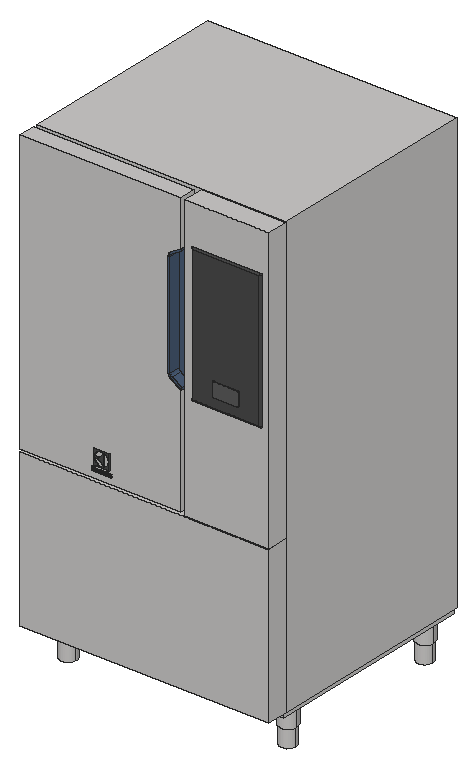
Revit family "QF_ELECTROLUXPROFESSIONAL_725077_EBFA11EP2P", category Specialty Equipment, Revit 2018
Family settings
  Round Connector Dimension = Use Diameter
  Part Type = Normal
  Work Plane-Based = No
  Always vertical = Yes
  Cut with Voids When Loaded = No
  Shared = No
  Room Calculation Point = No
Parameters (values of type "Standard")
  Weight = 233.00 kg
  Watts = 0 W
  Volts = 380 V
  URL Manufacturer = "http://professional.electrolux.com"
  URL = "http://professional.electrolux.com"
  Steam Supply Size = 0 mm
  Steam Supply Minimum Pressure = 0.0 Pa
  Steam Supply Maximum Pressure = 0.0 Pa
  Steam Pounds per Hour = 0
  Show Logo [instance] = yes
  Show Clearance [instance] = yes
  Refrigeration Suction Line Size = 0 mm
  Refrigeration Liquid Line Size = 0 mm
  Refrigerant Compressor Remote = yes
  Manufacturer = "Electrolux Professional"
  Phase = 3
  Model = "EBFA11EP2P"
  Length Actual = 895 mm  # constant formula
  Item Number = "725077"
  Hot Water Size = 0 mm
  Height Actual = 1731 mm  # constant formula
  HP = "5.6 HP"
  Gas Size = 0 mm
  Gas KW = 0
  Gas Input Pressure = 0 W
  Direct Waste Size = 139.7 mm
  Description = "SKYLINE CHILLS BLAST CHILLER FREEZER 50/50KG 10 GN 1/1 - FOR SKYDUO"
  Depth Actual = 939 mm  # constant formula
  Cycle = 50 Hz
  Condensate Return Size = 0 mm
  Compressed Air Volume = 0.0 L/s
  Compressed Air Size = 0 mm
  Compressed Air Pressure = 0.0 Pa
  Cold Water Size = 0 mm
  Accessory = yes
Reference planes
  plane 1 "Center X": y = 126.351
  plane 2: z = 0
  plane 3 "Center Y": x = -311.5
  plane 4 "LEFT": x = -759
  plane 5 "BACK": y = 547.851
  plane 6 "RIGHT": x = 136
  plane 7 "FRONT": y = -295.149
  plane 8: z = 130
  plane 9 "TOP": z = 1731
  plane 10: x = -707
  plane 11: y = 471.851
  plane 12: x = 84
  plane 13: y = -144.149
  plane 14: y = 639.851
  plane 15: y = -834.149
Forms (mm)
  Extrusion 1, solid, material "QF_Finishes_Stainless Steel"
    sketch origin (0, 0, 1731) x (-1, 0, 0) y (0, -1, 0)
      loop
        line (759, -547.851) -> (759, 219.149) -> (-136, 219.149) -> (-136, -547.851) -> (759, -547.851)
    from 0 to -1581
  Extrusion 2, solid, material "QF_Finishes_Stainless Steel"
    sketch origin (-759, -0.954, 258.709) x (0, 1, 0) y (0, 0, 1)
      loop
        line (548.805, 694.306) -> (548.805, 392.314) -> (633.5, 399.789)
        arc (633.5, 399.789) -> (638.702, 402.354) -> (640.805, 407.759) r 8
        line (640.805, 407.759) -> (640.805, 433.233)
        arc (640.805, 433.233) -> (636.783, 442.547) -> (640.805, 451.86) r 12.795
        line (640.805, 451.86) -> (640.805, 483.24)
        arc (640.805, 483.24) -> (636.783, 492.554) -> (640.805, 501.867) r 12.795
        line (640.805, 501.867) -> (640.805, 533.247)
        arc (640.805, 533.247) -> (636.783, 542.56) -> (640.805, 551.874) r 12.795
        line (640.805, 551.874) -> (640.805, 583.254)
        arc (640.805, 583.254) -> (636.783, 592.567) -> (640.805, 601.881) r 12.795
        line (640.805, 601.881) -> (640.805, 634.796)
        arc (640.805, 634.796) -> (639.466, 639.795) -> (635.808, 643.455) r 10
        line (635.808, 643.455) -> (548.805, 694.306)
    from 618.187 to 801.865
  Extrusion 3, solid, material "QF_Finishes_Stainless Steel"
    sketch origin (-54.727, 547.851, 2066) x (1, 0, 0) y (0, 0, -1)
      loop
        circle (121.727, 1473) r 10.5
    from 0 to 29
  Extrusion 4, solid, material "QF_Finishes_Stainless Steel"
    sketch origin (-1206.916, -1524, 130) x (-1, 0, 0) y (0, -1, 0)
      loop
        line (-447.916, -1228.851) -> (-1342.916, -1228.851) -> (-1342.916, -1303.851) -> (-447.916, -1303.851) -> (-447.916, -1228.851)
    from 580 to 20.02
  Extrusion 5, solid, material "QF_Finishes_Stainless Steel"
    sketch origin (-1206.916, -1524, 130) x (-1, 0, 0) y (0, -1, 0)
      loop
        line (-456.916, -2071.851) -> (-456.916, -1306.851) -> (-1333.916, -1306.851) -> (-1333.916, -2071.851) -> (-456.916, -2071.851)
    from 20 to 0
  Extrusion 6, solid, material "QF_Finishes_Stainless Steel"
    sketch origin (-1206.916, -1524, 130) x (0, -1, 0) y (-1, 0, 0)
      loop
        circle (-1673.851, -847.916) r 9.5
    from 0 to 31.68
  Extrusion 7, void
    sketch origin (1, 0, 1731) x (-1, 0, 0) y (0, -1, 0)
      loop
        line (132.09, -639.851) -> (141.813, -639.851) -> (141.813, -547.851) -> (140.183, -547.851) -> (132.09, -639.851)
      loop
        line (-40.234, -547.851) -> (-41.865, -547.851) -> (-41.865, -639.851) -> (-32.141, -639.851) -> (-40.234, -547.851)
    from -1080 to -770
  Extrusion 8, solid, material "QF_Finishes_Stainless Steel"
    sketch origin (-623, -295.149, 0) x (1, 0, 0) y (0, 0, -1)
      loop
        line (442.2, -1731) -> (442.2, -1568.97) -> (405.947, -1544.888)
        arc (405.947, -1544.888) -> (399.716, -1538.041) -> (397.46, -1529.062) r 19
        line (397.46, -1529.062) -> (397.46, -1154.149)
        arc (397.46, -1154.149) -> (399.839, -1144.688) -> (406.41, -1137.479) r 20
        line (406.41, -1137.479) -> (442.2, -1113.756) -> (442.2, -719.524) -> (-136, -719.524) -> (-136, -1731) -> (442.2, -1731)
    from 0 to 60
  Extrusion 9, solid, material "QF_Finishes_Stainless Steel"
    sketch origin (-623, 0, 1060.038) x (1, 0, 0) y (0, 1, 0)
      loop
        line (759, -295.149) -> (759, -220.149) -> (457, -220.149) -> (457, -295.149) -> (759, -295.149)
    from 670.962 to -349
  Extrusion 10, solid, material "QF_Door-Drawer Clearances", visible <- "Show Clearance", detail levels coarse
    sketch origin (-623, 0, 1060.038) x (1, 0, 0) y (0, 1, 0)
      loop
        line (-82, -295.149) -> (-82, -831.649)
        arc (-82, -831.649) -> (284.195, -665.108) -> (442.2, -295.149) r 556
        line (442.2, -295.149) -> (-82, -295.149)
    from -340.514 to 670.962
  Extrusion 11, solid, material "QF_Finishes_Stainless Steel"
    sketch origin (-632, -235.149, 600.072) x (1, 0, 0) y (0, 0, -1)
      loop
        line (406.46, -554.076) -> (406.46, -928.989)
        arc (406.46, -928.989) -> (408.716, -937.969) -> (414.947, -944.816) r 19
        line (414.947, -944.816) -> (451.2, -968.898) -> (451.2, -513.683) -> (415.41, -537.406)
        arc (415.41, -537.406) -> (408.839, -544.616) -> (406.46, -554.076) r 20
    from -21 to 0
  Extrusion 12, solid, material "QF_Finishes_Electrolux_Blue"
    sketch origin (-632, -295.149, 600.072) x (-1, 0, 0) y (0, 0, -1)
      loop
        line (-451.2, -968.898) -> (-414.947, -944.816)
        arc (-414.947, -944.816) -> (-408.716, -937.969) -> (-406.46, -928.989) r 19
        line (-406.46, -928.989) -> (-406.46, -554.076)
        arc (-406.46, -554.076) -> (-408.839, -544.616) -> (-415.41, -537.406) r 20
        line (-415.41, -537.406) -> (-451.2, -513.683) -> (-453.7, -513.683) -> (-453.7, -519.824) -> (-419.001, -542.824)
        arc (-419.001, -542.824) -> (-414.566, -547.691) -> (-412.96, -554.076) r 13.5
        line (-412.96, -554.076) -> (-412.96, -928.989)
        arc (-412.96, -928.989) -> (-414.444, -934.897) -> (-418.543, -939.401) r 12.5
        line (-418.543, -939.401) -> (-453.7, -962.755) -> (-453.7, -968.898) -> (-451.2, -968.898)
    from -39 to 1
  Extrusion 13, void
    sketch origin (136, -219.149, 1731) x (1, 0, 0) y (0, 0, -1)
      loop
        line (-366.8, 60) -> (-366.8, 962) -> (-834, 962) -> (-834, 60) -> (-366.8, 60)
    from 0 to 705
  Extrusion 14, solid, material "QF_Door-Drawer Clearances", visible <- "Show Clearance", detail levels coarse
    sketch origin (-765, -389.449, 0) x (0, -1, 0) y (0, 0, -1)
      loop
        line (442.2, -1731) -> (442.2, -1568.97) -> (405.947, -1544.888)
        arc (405.947, -1544.888) -> (399.716, -1538.041) -> (397.46, -1529.062) r 19
        line (397.46, -1529.062) -> (397.46, -1154.149)
        arc (397.46, -1154.149) -> (399.839, -1144.688) -> (406.41, -1137.479) r 20
        line (406.41, -1137.479) -> (442.2, -1113.756) -> (442.2, -719.524) -> (-94.3, -719.524) -> (-94.3, -1731) -> (442.2, -1731)
    from 0 to 60
  Extrusion 15, solid, material "QF_Door-Drawer Clearances", visible <- "Show Clearance", detail levels coarse
    sketch origin (-705, -380.449, 600.072) x (0, -1, 0) y (0, 0, -1)
      loop
        line (406.46, -554.076) -> (406.46, -928.989)
        arc (406.46, -928.989) -> (408.716, -937.969) -> (414.947, -944.816) r 19
        line (414.947, -944.816) -> (451.2, -968.898) -> (451.2, -513.683) -> (415.41, -537.406)
        arc (415.41, -537.406) -> (408.839, -544.616) -> (406.46, -554.076) r 20
    from -21 to 0
  Extrusion 16, solid, material "QF_Door-Drawer Clearances", visible <- "Show Clearance", detail levels coarse
    sketch origin (-765, -380.449, 600.072) x (0, 1, 0) y (0, 0, -1)
      loop
        line (-451.2, -968.898) -> (-414.947, -944.816)
        arc (-414.947, -944.816) -> (-408.716, -937.969) -> (-406.46, -928.989) r 19
        line (-406.46, -928.989) -> (-406.46, -554.076)
        arc (-406.46, -554.076) -> (-408.839, -544.616) -> (-415.41, -537.406) r 20
        line (-415.41, -537.406) -> (-451.2, -513.683) -> (-453.7, -513.683) -> (-453.7, -519.824) -> (-419.001, -542.824)
        arc (-419.001, -542.824) -> (-414.566, -547.691) -> (-412.96, -554.076) r 13.5
        line (-412.96, -554.076) -> (-412.96, -928.989)
        arc (-412.96, -928.989) -> (-414.444, -934.897) -> (-418.543, -939.401) r 12.5
        line (-418.543, -939.401) -> (-453.7, -962.755) -> (-453.7, -968.898) -> (-451.2, -968.898)
    from -39 to 1
Cuts and joins
  Extrusion 13 cuts Extrusion 1
  Extrusion 7, Extrusion 13 cuts Extrusion 2
  Extrusion 13 cuts Extrusion 3
  Extrusion 13 cuts Extrusion 5
  Extrusion 13 cuts Extrusion 6
  joined: Extrusion 1, Extrusion 2, Extrusion 3, Extrusion 5, Extrusion 6
  joined: Extrusion 10, Extrusion 14, Extrusion 15, Extrusion 16
Lines and regions (mm)
  Split face 1
    outline origin (594.146, -295.149, -365.12) x (-1, 0, 0) y (0, 0, -1)
      loop
        line (490.638, -548.639) -> (600.654, -548.639) -> (600.654, -543.665) -> (490.638, -543.665) -> (490.638, -548.639)
  Split face 2
    outline origin (594.146, -295.149, -355.62) x (-1, 0, 0) y (0, 0, -1)
      loop
        line (490.638, -548.639) -> (600.654, -548.639) -> (600.654, -543.665) -> (490.638, -543.665) -> (490.638, -548.639)
  Split face 3
    outline origin (594.146, -295.149, -346.12) x (-1, 0, 0) y (0, 0, -1)
      loop
        line (490.638, -548.639) -> (600.654, -548.639) -> (600.654, -543.665) -> (490.638, -543.665) -> (490.638, -548.639)
  Split face 4
    outline origin (594.146, -295.149, -336.62) x (-1, 0, 0) y (0, 0, -1)
      loop
        line (490.638, -548.639) -> (600.654, -548.639) -> (600.654, -543.665) -> (490.638, -543.665) -> (490.638, -548.639)
  Split face 5
    outline origin (594.146, -295.149, -327.12) x (-1, 0, 0) y (0, 0, -1)
      loop
        line (490.638, -548.639) -> (600.654, -548.639) -> (600.654, -543.665) -> (490.638, -543.665) -> (490.638, -548.639)
  Split face 6
    outline origin (594.146, -295.149, -317.619) x (-1, 0, 0) y (0, 0, -1)
      loop
        line (490.638, -548.639) -> (600.654, -548.639) -> (600.654, -543.665) -> (490.638, -543.665) -> (490.638, -548.639)
  Split face 7
    outline origin (594.146, -295.149, -308.119) x (-1, 0, 0) y (0, 0, -1)
      loop
        line (490.638, -548.639) -> (600.654, -548.639) -> (600.654, -543.665) -> (490.638, -543.665) -> (490.638, -548.639)
  Split face 8
    outline origin (594.146, -295.149, -298.619) x (-1, 0, 0) y (0, 0, -1)
      loop
        line (490.638, -548.639) -> (600.654, -548.639) -> (600.654, -543.665) -> (490.638, -543.665) -> (490.638, -548.639)
  Split face 9
    outline origin (594.146, -295.149, -289.119) x (-1, 0, 0) y (0, 0, -1)
      loop
        line (490.638, -548.639) -> (600.654, -548.639) -> (600.654, -543.665) -> (490.638, -543.665) -> (490.638, -548.639)
  Split face 10
    outline origin (594.146, -295.149, -279.619) x (-1, 0, 0) y (0, 0, -1)
      loop
        line (490.638, -548.639) -> (600.654, -548.639) -> (600.654, -543.665) -> (490.638, -543.665) -> (490.638, -548.639)
  Split face 11
    outline origin (594.146, -295.149, -270.119) x (-1, 0, 0) y (0, 0, -1)
      loop
        line (490.638, -548.639) -> (600.654, -548.639) -> (600.654, -543.665) -> (490.638, -543.665) -> (490.638, -548.639)
  Split face 12
    outline origin (594.146, -295.149, -260.619) x (-1, 0, 0) y (0, 0, -1)
      loop
        line (490.638, -548.639) -> (600.654, -548.639) -> (600.654, -543.665) -> (490.638, -543.665) -> (490.638, -548.639)
  Split face 13
    outline origin (594.146, -295.149, -251.119) x (-1, 0, 0) y (0, 0, -1)
      loop
        line (490.638, -548.639) -> (600.654, -548.639) -> (600.654, -543.665) -> (490.638, -543.665) -> (490.638, -548.639)
  Split face 14
    outline origin (594.146, -295.149, -241.619) x (-1, 0, 0) y (0, 0, -1)
      loop
        line (490.638, -548.639) -> (600.654, -548.639) -> (600.654, -543.665) -> (490.638, -543.665) -> (490.638, -548.639)
  Split face 15
    outline origin (594.146, -295.149, -232.119) x (-1, 0, 0) y (0, 0, -1)
      loop
        line (490.638, -548.639) -> (600.654, -548.639) -> (600.654, -543.665) -> (490.638, -543.665) -> (490.638, -548.639)
  Split face 16
    outline origin (594.146, -295.149, -222.619) x (-1, 0, 0) y (0, 0, -1)
      loop
        line (490.638, -548.639) -> (600.654, -548.639) -> (600.654, -543.665) -> (490.638, -543.665) -> (490.638, -548.639)
  Split face 17
    outline origin (594.146, -295.149, -213.119) x (-1, 0, 0) y (0, 0, -1)
      loop
        line (490.638, -548.639) -> (600.654, -548.639) -> (600.654, -543.665) -> (490.638, -543.665) -> (490.638, -548.639)
  Split face 18
    outline origin (594.146, -295.149, -203.619) x (-1, 0, 0) y (0, 0, -1)
      loop
        line (490.638, -548.639) -> (600.654, -548.639) -> (600.654, -543.665) -> (490.638, -543.665) -> (490.638, -548.639)
  Split face 19
    outline origin (594.146, -295.149, -194.118) x (-1, 0, 0) y (0, 0, -1)
      loop
        line (490.638, -548.639) -> (600.654, -548.639) -> (600.654, -543.665) -> (490.638, -543.665) -> (490.638, -548.639)
  Split face 20
    outline origin (594.146, -295.149, -184.618) x (-1, 0, 0) y (0, 0, -1)
      loop
        line (490.638, -548.639) -> (600.654, -548.639) -> (600.654, -543.665) -> (490.638, -543.665) -> (490.638, -548.639)
  Split face 21
    outline origin (594.146, -295.149, -175.118) x (-1, 0, 0) y (0, 0, -1)
      loop
        line (490.638, -548.639) -> (600.654, -548.639) -> (600.654, -543.665) -> (490.638, -543.665) -> (490.638, -548.639)
  Split face 22
    outline origin (594.146, -295.149, -165.618) x (-1, 0, 0) y (0, 0, -1)
      loop
        line (490.638, -548.639) -> (600.654, -548.639) -> (600.654, -543.665) -> (490.638, -543.665) -> (490.638, -548.639)
  Split face 23
    outline origin (594.146, -295.149, -156.118) x (-1, 0, 0) y (0, 0, -1)
      loop
        line (490.638, -548.639) -> (600.654, -548.639) -> (600.654, -543.665) -> (490.638, -543.665) -> (490.638, -548.639)
  Split face 24
    outline origin (594.146, -295.149, -146.618) x (-1, 0, 0) y (0, 0, -1)
      loop
        line (490.638, -548.639) -> (600.654, -548.639) -> (600.654, -543.665) -> (490.638, -543.665) -> (490.638, -548.639)
  Split face 25
    outline origin (594.146, -295.149, -137.118) x (-1, 0, 0) y (0, 0, -1)
      loop
        line (490.638, -548.639) -> (600.654, -548.639) -> (600.654, -543.665) -> (490.638, -543.665) -> (490.638, -548.639)
  Split face 26
    outline origin (594.146, -295.149, -127.618) x (-1, 0, 0) y (0, 0, -1)
      loop
        line (490.638, -548.639) -> (600.654, -548.639) -> (600.654, -543.665) -> (490.638, -543.665) -> (490.638, -548.639)
  Split face 27
    outline origin (594.146, -295.149, -118.118) x (-1, 0, 0) y (0, 0, -1)
      loop
        line (490.638, -548.639) -> (600.654, -548.639) -> (600.654, -543.665) -> (490.638, -543.665) -> (490.638, -548.639)
  Split face 28
    outline origin (594.146, -295.149, -108.618) x (-1, 0, 0) y (0, 0, -1)
      loop
        line (490.638, -548.639) -> (600.654, -548.639) -> (600.654, -543.665) -> (490.638, -543.665) -> (490.638, -548.639)
  Split face 29
    outline origin (594.146, -295.149, -99.118) x (-1, 0, 0) y (0, 0, -1)
      loop
        line (490.638, -548.639) -> (600.654, -548.639) -> (600.654, -543.665) -> (490.638, -543.665) -> (490.638, -548.639)
  Split face 30
    outline origin (594.146, -295.149, -89.618) x (-1, 0, 0) y (0, 0, -1)
      loop
        line (490.638, -548.639) -> (600.654, -548.639) -> (600.654, -543.665) -> (490.638, -543.665) -> (490.638, -548.639)
  Split face 31
    outline origin (594.146, -295.149, -80.117) x (-1, 0, 0) y (0, 0, -1)
      loop
        line (490.638, -548.639) -> (600.654, -548.639) -> (600.654, -543.665) -> (490.638, -543.665) -> (490.638, -548.639)
  Split face 32
    outline origin (594.146, -295.149, -70.617) x (-1, 0, 0) y (0, 0, -1)
      loop
        line (490.638, -548.639) -> (600.654, -548.639) -> (600.654, -543.665) -> (490.638, -543.665) -> (490.638, -548.639)
  Split face 33
    outline origin (594.146, -295.149, -61.117) x (-1, 0, 0) y (0, 0, -1)
      loop
        line (490.638, -548.639) -> (600.654, -548.639) -> (600.654, -543.665) -> (490.638, -543.665) -> (490.638, -548.639)
  Split face 34
    outline origin (594.146, -295.149, -51.617) x (-1, 0, 0) y (0, 0, -1)
      loop
        line (490.638, -548.639) -> (600.654, -548.639) -> (600.654, -543.665) -> (490.638, -543.665) -> (490.638, -548.639)
  Split face 35
    outline origin (594.146, -295.149, -42.117) x (-1, 0, 0) y (0, 0, -1)
      loop
        line (490.638, -548.639) -> (600.654, -548.639) -> (600.654, -543.665) -> (490.638, -543.665) -> (490.638, -548.639)
  Split face 36
    outline origin (594.146, -295.149, -32.617) x (-1, 0, 0) y (0, 0, -1)
      loop
        line (490.638, -548.639) -> (600.654, -548.639) -> (600.654, -543.665) -> (490.638, -543.665) -> (490.638, -548.639)
  Split face 37
    outline origin (594.146, -295.149, -23.117) x (-1, 0, 0) y (0, 0, -1)
      loop
        line (490.638, -548.639) -> (600.654, -548.639) -> (600.654, -543.665) -> (490.638, -543.665) -> (490.638, -548.639)
  Split face 38
    outline origin (594.146, -295.149, -13.617) x (-1, 0, 0) y (0, 0, -1)
      loop
        line (490.638, -548.639) -> (600.654, -548.639) -> (600.654, -543.665) -> (490.638, -543.665) -> (490.638, -548.639)
  Split face 39
    outline origin (594.146, -295.149, -4.117) x (-1, 0, 0) y (0, 0, -1)
      loop
        line (490.638, -548.639) -> (600.654, -548.639) -> (600.654, -543.665) -> (490.638, -543.665) -> (490.638, -548.639)
  Split face 40
    outline origin (594.146, -295.149, 5.383) x (-1, 0, 0) y (0, 0, -1)
      loop
        line (490.638, -548.639) -> (600.654, -548.639) -> (600.654, -543.665) -> (490.638, -543.665) -> (490.638, -548.639)
  Split face 41
    outline origin (594.146, -295.149, 14.883) x (-1, 0, 0) y (0, 0, -1)
      loop
        line (490.638, -548.639) -> (600.654, -548.639) -> (600.654, -543.665) -> (490.638, -543.665) -> (490.638, -548.639)
  Split face 42
    outline origin (474.155, -295.149, -365.12) x (-1, 0, 0) y (0, 0, -1)
      loop
        line (490.638, -548.639) -> (600.654, -548.639) -> (600.654, -543.665) -> (490.638, -543.665) -> (490.638, -548.639)
  Split face 43
    outline origin (474.155, -295.149, -355.62) x (-1, 0, 0) y (0, 0, -1)
      loop
        line (490.638, -548.639) -> (600.654, -548.639) -> (600.654, -543.665) -> (490.638, -543.665) -> (490.638, -548.639)
  Split face 44
    outline origin (474.155, -295.149, -346.12) x (-1, 0, 0) y (0, 0, -1)
      loop
        line (490.638, -548.639) -> (600.654, -548.639) -> (600.654, -543.665) -> (490.638, -543.665) -> (490.638, -548.639)
  Split face 45
    outline origin (474.155, -295.149, -336.62) x (-1, 0, 0) y (0, 0, -1)
      loop
        line (490.638, -548.639) -> (600.654, -548.639) -> (600.654, -543.665) -> (490.638, -543.665) -> (490.638, -548.639)
  Split face 46
    outline origin (474.155, -295.149, -327.12) x (-1, 0, 0) y (0, 0, -1)
      loop
        line (490.638, -548.639) -> (600.654, -548.639) -> (600.654, -543.665) -> (490.638, -543.665) -> (490.638, -548.639)
  Split face 47
    outline origin (474.155, -295.149, -317.619) x (-1, 0, 0) y (0, 0, -1)
      loop
        line (490.638, -548.639) -> (600.654, -548.639) -> (600.654, -543.665) -> (490.638, -543.665) -> (490.638, -548.639)
  Split face 48
    outline origin (474.155, -295.149, -308.119) x (-1, 0, 0) y (0, 0, -1)
      loop
        line (490.638, -548.639) -> (600.654, -548.639) -> (600.654, -543.665) -> (490.638, -543.665) -> (490.638, -548.639)
  Split face 49
    outline origin (474.155, -295.149, -298.619) x (-1, 0, 0) y (0, 0, -1)
      loop
        line (490.638, -548.639) -> (600.654, -548.639) -> (600.654, -543.665) -> (490.638, -543.665) -> (490.638, -548.639)
  Split face 50
    outline origin (474.155, -295.149, -289.119) x (-1, 0, 0) y (0, 0, -1)
      loop
        line (490.638, -548.639) -> (600.654, -548.639) -> (600.654, -543.665) -> (490.638, -543.665) -> (490.638, -548.639)
  Split face 51
    outline origin (474.155, -295.149, -279.619) x (-1, 0, 0) y (0, 0, -1)
      loop
        line (490.638, -548.639) -> (600.654, -548.639) -> (600.654, -543.665) -> (490.638, -543.665) -> (490.638, -548.639)
  Split face 52
    outline origin (474.155, -295.149, -270.119) x (-1, 0, 0) y (0, 0, -1)
      loop
        line (490.638, -548.639) -> (600.654, -548.639) -> (600.654, -543.665) -> (490.638, -543.665) -> (490.638, -548.639)
  Split face 53
    outline origin (474.155, -295.149, -260.619) x (-1, 0, 0) y (0, 0, -1)
      loop
        line (490.638, -548.639) -> (600.654, -548.639) -> (600.654, -543.665) -> (490.638, -543.665) -> (490.638, -548.639)
  Split face 54
    outline origin (474.155, -295.149, -251.119) x (-1, 0, 0) y (0, 0, -1)
      loop
        line (490.638, -548.639) -> (600.654, -548.639) -> (600.654, -543.665) -> (490.638, -543.665) -> (490.638, -548.639)
  Split face 55
    outline origin (474.155, -295.149, -241.619) x (-1, 0, 0) y (0, 0, -1)
      loop
        line (490.638, -548.639) -> (600.654, -548.639) -> (600.654, -543.665) -> (490.638, -543.665) -> (490.638, -548.639)
  Split face 56
    outline origin (474.155, -295.149, -232.119) x (-1, 0, 0) y (0, 0, -1)
      loop
        line (490.638, -548.639) -> (600.654, -548.639) -> (600.654, -543.665) -> (490.638, -543.665) -> (490.638, -548.639)
  Split face 57
    outline origin (474.155, -295.149, -222.619) x (-1, 0, 0) y (0, 0, -1)
      loop
        line (490.638, -548.639) -> (600.654, -548.639) -> (600.654, -543.665) -> (490.638, -543.665) -> (490.638, -548.639)
  Split face 58
    outline origin (474.155, -295.149, -213.119) x (-1, 0, 0) y (0, 0, -1)
      loop
        line (490.638, -548.639) -> (600.654, -548.639) -> (600.654, -543.665) -> (490.638, -543.665) -> (490.638, -548.639)
  Split face 59
    outline origin (474.155, -295.149, -203.619) x (-1, 0, 0) y (0, 0, -1)
      loop
        line (490.638, -548.639) -> (600.654, -548.639) -> (600.654, -543.665) -> (490.638, -543.665) -> (490.638, -548.639)
  Split face 60
    outline origin (474.155, -295.149, -194.118) x (-1, 0, 0) y (0, 0, -1)
      loop
        line (490.638, -548.639) -> (600.654, -548.639) -> (600.654, -543.665) -> (490.638, -543.665) -> (490.638, -548.639)
  Split face 61
    outline origin (474.155, -295.149, -184.618) x (-1, 0, 0) y (0, 0, -1)
      loop
        line (490.638, -548.639) -> (600.654, -548.639) -> (600.654, -543.665) -> (490.638, -543.665) -> (490.638, -548.639)
  Split face 62
    outline origin (474.155, -295.149, -175.118) x (-1, 0, 0) y (0, 0, -1)
      loop
        line (490.638, -548.639) -> (600.654, -548.639) -> (600.654, -543.665) -> (490.638, -543.665) -> (490.638, -548.639)
  Split face 63
    outline origin (474.155, -295.149, -165.618) x (-1, 0, 0) y (0, 0, -1)
      loop
        line (490.638, -548.639) -> (600.654, -548.639) -> (600.654, -543.665) -> (490.638, -543.665) -> (490.638, -548.639)
  Split face 64
    outline origin (474.155, -295.149, -156.118) x (-1, 0, 0) y (0, 0, -1)
      loop
        line (490.638, -548.639) -> (600.654, -548.639) -> (600.654, -543.665) -> (490.638, -543.665) -> (490.638, -548.639)
  Split face 65
    outline origin (474.155, -295.149, -146.618) x (-1, 0, 0) y (0, 0, -1)
      loop
        line (490.638, -548.639) -> (600.654, -548.639) -> (600.654, -543.665) -> (490.638, -543.665) -> (490.638, -548.639)
  Split face 66
    outline origin (474.155, -295.149, -137.118) x (-1, 0, 0) y (0, 0, -1)
      loop
        line (490.638, -548.639) -> (600.654, -548.639) -> (600.654, -543.665) -> (490.638, -543.665) -> (490.638, -548.639)
  Split face 67
    outline origin (474.155, -295.149, -127.618) x (-1, 0, 0) y (0, 0, -1)
      loop
        line (490.638, -548.639) -> (600.654, -548.639) -> (600.654, -543.665) -> (490.638, -543.665) -> (490.638, -548.639)
  Split face 68
    outline origin (474.155, -295.149, -118.118) x (-1, 0, 0) y (0, 0, -1)
      loop
        line (490.638, -548.639) -> (600.654, -548.639) -> (600.654, -543.665) -> (490.638, -543.665) -> (490.638, -548.639)
  Split face 69
    outline origin (474.155, -295.149, -108.618) x (-1, 0, 0) y (0, 0, -1)
      loop
        line (490.638, -548.639) -> (600.654, -548.639) -> (600.654, -543.665) -> (490.638, -543.665) -> (490.638, -548.639)
  Split face 70
    outline origin (474.155, -295.149, -99.118) x (-1, 0, 0) y (0, 0, -1)
      loop
        line (490.638, -548.639) -> (600.654, -548.639) -> (600.654, -543.665) -> (490.638, -543.665) -> (490.638, -548.639)
  Split face 71
    outline origin (474.155, -295.149, -89.618) x (-1, 0, 0) y (0, 0, -1)
      loop
        line (490.638, -548.639) -> (600.654, -548.639) -> (600.654, -543.665) -> (490.638, -543.665) -> (490.638, -548.639)
  Split face 72
    outline origin (474.155, -295.149, -80.117) x (-1, 0, 0) y (0, 0, -1)
      loop
        line (490.638, -548.639) -> (600.654, -548.639) -> (600.654, -543.665) -> (490.638, -543.665) -> (490.638, -548.639)
  Split face 73
    outline origin (474.155, -295.149, -70.617) x (-1, 0, 0) y (0, 0, -1)
      loop
        line (490.638, -548.639) -> (600.654, -548.639) -> (600.654, -543.665) -> (490.638, -543.665) -> (490.638, -548.639)
  Split face 74
    outline origin (474.155, -295.149, -61.117) x (-1, 0, 0) y (0, 0, -1)
      loop
        line (490.638, -548.639) -> (600.654, -548.639) -> (600.654, -543.665) -> (490.638, -543.665) -> (490.638, -548.639)
  Split face 75
    outline origin (474.155, -295.149, -51.617) x (-1, 0, 0) y (0, 0, -1)
      loop
        line (490.638, -548.639) -> (600.654, -548.639) -> (600.654, -543.665) -> (490.638, -543.665) -> (490.638, -548.639)
  Split face 76
    outline origin (474.155, -295.149, -42.117) x (-1, 0, 0) y (0, 0, -1)
      loop
        line (490.638, -548.639) -> (600.654, -548.639) -> (600.654, -543.665) -> (490.638, -543.665) -> (490.638, -548.639)
  Split face 77
    outline origin (474.155, -295.149, -32.617) x (-1, 0, 0) y (0, 0, -1)
      loop
        line (490.638, -548.639) -> (600.654, -548.639) -> (600.654, -543.665) -> (490.638, -543.665) -> (490.638, -548.639)
  Split face 78
    outline origin (474.155, -295.149, -23.117) x (-1, 0, 0) y (0, 0, -1)
      loop
        line (490.638, -548.639) -> (600.654, -548.639) -> (600.654, -543.665) -> (490.638, -543.665) -> (490.638, -548.639)
  Split face 79
    outline origin (474.155, -295.149, -13.617) x (-1, 0, 0) y (0, 0, -1)
      loop
        line (490.638, -548.639) -> (600.654, -548.639) -> (600.654, -543.665) -> (490.638, -543.665) -> (490.638, -548.639)
  Split face 80
    outline origin (474.155, -295.149, -4.117) x (-1, 0, 0) y (0, 0, -1)
      loop
        line (490.638, -548.639) -> (600.654, -548.639) -> (600.654, -543.665) -> (490.638, -543.665) -> (490.638, -548.639)
  Split face 81
    outline origin (474.155, -295.149, 5.383) x (-1, 0, 0) y (0, 0, -1)
      loop
        line (490.638, -548.639) -> (600.654, -548.639) -> (600.654, -543.665) -> (490.638, -543.665) -> (490.638, -548.639)
  Split face 82
    outline origin (474.155, -295.149, 14.883) x (-1, 0, 0) y (0, 0, -1)
      loop
        line (490.638, -548.639) -> (600.654, -548.639) -> (600.654, -543.665) -> (490.638, -543.665) -> (490.638, -548.639)
  Split face 83
    outline origin (354.164, -295.149, -365.12) x (-1, 0, 0) y (0, 0, -1)
      loop
        line (490.638, -548.639) -> (600.654, -548.639) -> (600.654, -543.665) -> (490.638, -543.665) -> (490.638, -548.639)
  Split face 84
    outline origin (354.164, -295.149, -355.62) x (-1, 0, 0) y (0, 0, -1)
      loop
        line (490.638, -548.639) -> (600.654, -548.639) -> (600.654, -543.665) -> (490.638, -543.665) -> (490.638, -548.639)
  Split face 85
    outline origin (354.164, -295.149, -346.12) x (-1, 0, 0) y (0, 0, -1)
      loop
        line (490.638, -548.639) -> (600.654, -548.639) -> (600.654, -543.665) -> (490.638, -543.665) -> (490.638, -548.639)
  Split face 86
    outline origin (354.164, -295.149, -336.62) x (-1, 0, 0) y (0, 0, -1)
      loop
        line (490.638, -548.639) -> (600.654, -548.639) -> (600.654, -543.665) -> (490.638, -543.665) -> (490.638, -548.639)
  Split face 87
    outline origin (354.164, -295.149, -327.12) x (-1, 0, 0) y (0, 0, -1)
      loop
        line (490.638, -548.639) -> (600.654, -548.639) -> (600.654, -543.665) -> (490.638, -543.665) -> (490.638, -548.639)
  Split face 88
    outline origin (354.164, -295.149, -317.619) x (-1, 0, 0) y (0, 0, -1)
      loop
        line (490.638, -548.639) -> (600.654, -548.639) -> (600.654, -543.665) -> (490.638, -543.665) -> (490.638, -548.639)
  Split face 89
    outline origin (354.164, -295.149, -308.119) x (-1, 0, 0) y (0, 0, -1)
      loop
        line (490.638, -548.639) -> (600.654, -548.639) -> (600.654, -543.665) -> (490.638, -543.665) -> (490.638, -548.639)
  Split face 90
    outline origin (354.164, -295.149, -298.619) x (-1, 0, 0) y (0, 0, -1)
      loop
        line (490.638, -548.639) -> (600.654, -548.639) -> (600.654, -543.665) -> (490.638, -543.665) -> (490.638, -548.639)
  Split face 91
    outline origin (354.164, -295.149, -289.119) x (-1, 0, 0) y (0, 0, -1)
      loop
        line (490.638, -548.639) -> (600.654, -548.639) -> (600.654, -543.665) -> (490.638, -543.665) -> (490.638, -548.639)
  Split face 92
    outline origin (354.164, -295.149, -279.619) x (-1, 0, 0) y (0, 0, -1)
      loop
        line (490.638, -548.639) -> (600.654, -548.639) -> (600.654, -543.665) -> (490.638, -543.665) -> (490.638, -548.639)
  Split face 93
    outline origin (354.164, -295.149, -270.119) x (-1, 0, 0) y (0, 0, -1)
      loop
        line (490.638, -548.639) -> (600.654, -548.639) -> (600.654, -543.665) -> (490.638, -543.665) -> (490.638, -548.639)
  Split face 94
    outline origin (354.164, -295.149, -260.619) x (-1, 0, 0) y (0, 0, -1)
      loop
        line (490.638, -548.639) -> (600.654, -548.639) -> (600.654, -543.665) -> (490.638, -543.665) -> (490.638, -548.639)
  Split face 95
    outline origin (354.164, -295.149, -251.119) x (-1, 0, 0) y (0, 0, -1)
      loop
        line (490.638, -548.639) -> (600.654, -548.639) -> (600.654, -543.665) -> (490.638, -543.665) -> (490.638, -548.639)
  Split face 96
    outline origin (354.164, -295.149, -241.619) x (-1, 0, 0) y (0, 0, -1)
      loop
        line (490.638, -548.639) -> (600.654, -548.639) -> (600.654, -543.665) -> (490.638, -543.665) -> (490.638, -548.639)
  Split face 97
    outline origin (354.164, -295.149, -232.119) x (-1, 0, 0) y (0, 0, -1)
      loop
        line (490.638, -548.639) -> (600.654, -548.639) -> (600.654, -543.665) -> (490.638, -543.665) -> (490.638, -548.639)
  Split face 98
    outline origin (354.164, -295.149, -222.619) x (-1, 0, 0) y (0, 0, -1)
      loop
        line (490.638, -548.639) -> (600.654, -548.639) -> (600.654, -543.665) -> (490.638, -543.665) -> (490.638, -548.639)
  Split face 99
    outline origin (354.164, -295.149, -213.119) x (-1, 0, 0) y (0, 0, -1)
      loop
        line (490.638, -548.639) -> (600.654, -548.639) -> (600.654, -543.665) -> (490.638, -543.665) -> (490.638, -548.639)
  Split face 100
    outline origin (354.164, -295.149, -203.619) x (-1, 0, 0) y (0, 0, -1)
      loop
        line (490.638, -548.639) -> (600.654, -548.639) -> (600.654, -543.665) -> (490.638, -543.665) -> (490.638, -548.639)
  Split face 101
    outline origin (354.164, -295.149, -194.118) x (-1, 0, 0) y (0, 0, -1)
      loop
        line (490.638, -548.639) -> (600.654, -548.639) -> (600.654, -543.665) -> (490.638, -543.665) -> (490.638, -548.639)
  Split face 102
    outline origin (354.164, -295.149, -184.618) x (-1, 0, 0) y (0, 0, -1)
      loop
        line (490.638, -548.639) -> (600.654, -548.639) -> (600.654, -543.665) -> (490.638, -543.665) -> (490.638, -548.639)
  Split face 103
    outline origin (354.164, -295.149, -175.118) x (-1, 0, 0) y (0, 0, -1)
      loop
        line (490.638, -548.639) -> (600.654, -548.639) -> (600.654, -543.665) -> (490.638, -543.665) -> (490.638, -548.639)
  Split face 104
    outline origin (354.164, -295.149, -165.618) x (-1, 0, 0) y (0, 0, -1)
      loop
        line (490.638, -548.639) -> (600.654, -548.639) -> (600.654, -543.665) -> (490.638, -543.665) -> (490.638, -548.639)
  Split face 105
    outline origin (354.164, -295.149, -156.118) x (-1, 0, 0) y (0, 0, -1)
      loop
        line (490.638, -548.639) -> (600.654, -548.639) -> (600.654, -543.665) -> (490.638, -543.665) -> (490.638, -548.639)
  Split face 106
    outline origin (354.164, -295.149, -146.618) x (-1, 0, 0) y (0, 0, -1)
      loop
        line (490.638, -548.639) -> (600.654, -548.639) -> (600.654, -543.665) -> (490.638, -543.665) -> (490.638, -548.639)
  Split face 107
    outline origin (354.164, -295.149, -137.118) x (-1, 0, 0) y (0, 0, -1)
      loop
        line (490.638, -548.639) -> (600.654, -548.639) -> (600.654, -543.665) -> (490.638, -543.665) -> (490.638, -548.639)
  Split face 108
    outline origin (354.164, -295.149, -127.618) x (-1, 0, 0) y (0, 0, -1)
      loop
        line (490.638, -548.639) -> (600.654, -548.639) -> (600.654, -543.665) -> (490.638, -543.665) -> (490.638, -548.639)
  Split face 109
    outline origin (354.164, -295.149, -118.118) x (-1, 0, 0) y (0, 0, -1)
      loop
        line (490.638, -548.639) -> (600.654, -548.639) -> (600.654, -543.665) -> (490.638, -543.665) -> (490.638, -548.639)
  Split face 110
    outline origin (354.164, -295.149, -108.618) x (-1, 0, 0) y (0, 0, -1)
      loop
        line (490.638, -548.639) -> (600.654, -548.639) -> (600.654, -543.665) -> (490.638, -543.665) -> (490.638, -548.639)
  Split face 111
    outline origin (354.164, -295.149, -99.118) x (-1, 0, 0) y (0, 0, -1)
      loop
        line (490.638, -548.639) -> (600.654, -548.639) -> (600.654, -543.665) -> (490.638, -543.665) -> (490.638, -548.639)
  Split face 112
    outline origin (354.164, -295.149, -89.618) x (-1, 0, 0) y (0, 0, -1)
      loop
        line (490.638, -548.639) -> (600.654, -548.639) -> (600.654, -543.665) -> (490.638, -543.665) -> (490.638, -548.639)
  Split face 113
    outline origin (354.164, -295.149, -80.117) x (-1, 0, 0) y (0, 0, -1)
      loop
        line (490.638, -548.639) -> (600.654, -548.639) -> (600.654, -543.665) -> (490.638, -543.665) -> (490.638, -548.639)
  Split face 114
    outline origin (354.164, -295.149, -70.617) x (-1, 0, 0) y (0, 0, -1)
      loop
        line (490.638, -548.639) -> (600.654, -548.639) -> (600.654, -543.665) -> (490.638, -543.665) -> (490.638, -548.639)
  Split face 115
    outline origin (354.164, -295.149, -61.117) x (-1, 0, 0) y (0, 0, -1)
      loop
        line (490.638, -548.639) -> (600.654, -548.639) -> (600.654, -543.665) -> (490.638, -543.665) -> (490.638, -548.639)
  Split face 116
    outline origin (354.164, -295.149, -51.617) x (-1, 0, 0) y (0, 0, -1)
      loop
        line (490.638, -548.639) -> (600.654, -548.639) -> (600.654, -543.665) -> (490.638, -543.665) -> (490.638, -548.639)
  Split face 117
    outline origin (354.164, -295.149, -42.117) x (-1, 0, 0) y (0, 0, -1)
      loop
        line (490.638, -548.639) -> (600.654, -548.639) -> (600.654, -543.665) -> (490.638, -543.665) -> (490.638, -548.639)
  Split face 118
    outline origin (354.164, -295.149, -32.617) x (-1, 0, 0) y (0, 0, -1)
      loop
        line (490.638, -548.639) -> (600.654, -548.639) -> (600.654, -543.665) -> (490.638, -543.665) -> (490.638, -548.639)
  Split face 119
    outline origin (354.164, -295.149, -23.117) x (-1, 0, 0) y (0, 0, -1)
      loop
        line (490.638, -548.639) -> (600.654, -548.639) -> (600.654, -543.665) -> (490.638, -543.665) -> (490.638, -548.639)
  Split face 120
    outline origin (354.164, -295.149, -13.617) x (-1, 0, 0) y (0, 0, -1)
      loop
        line (490.638, -548.639) -> (600.654, -548.639) -> (600.654, -543.665) -> (490.638, -543.665) -> (490.638, -548.639)
  Split face 121
    outline origin (354.164, -295.149, -4.117) x (-1, 0, 0) y (0, 0, -1)
      loop
        line (490.638, -548.639) -> (600.654, -548.639) -> (600.654, -543.665) -> (490.638, -543.665) -> (490.638, -548.639)
  Split face 122
    outline origin (354.164, -295.149, 5.383) x (-1, 0, 0) y (0, 0, -1)
      loop
        line (490.638, -548.639) -> (600.654, -548.639) -> (600.654, -543.665) -> (490.638, -543.665) -> (490.638, -548.639)
  Split face 123
    outline origin (354.164, -295.149, 14.883) x (-1, 0, 0) y (0, 0, -1)
      loop
        line (490.638, -548.639) -> (600.654, -548.639) -> (600.654, -543.665) -> (490.638, -543.665) -> (490.638, -548.639)
  Split face 124
    outline origin (234.172, -295.149, -365.12) x (-1, 0, 0) y (0, 0, -1)
      loop
        line (490.638, -548.639) -> (600.654, -548.639) -> (600.654, -543.665) -> (490.638, -543.665) -> (490.638, -548.639)
  Split face 125
    outline origin (234.172, -295.149, -355.62) x (-1, 0, 0) y (0, 0, -1)
      loop
        line (490.638, -548.639) -> (600.654, -548.639) -> (600.654, -543.665) -> (490.638, -543.665) -> (490.638, -548.639)
  Split face 126
    outline origin (234.172, -295.149, -346.12) x (-1, 0, 0) y (0, 0, -1)
      loop
        line (490.638, -548.639) -> (600.654, -548.639) -> (600.654, -543.665) -> (490.638, -543.665) -> (490.638, -548.639)
  Split face 127
    outline origin (234.172, -295.149, -336.62) x (-1, 0, 0) y (0, 0, -1)
      loop
        line (490.638, -548.639) -> (600.654, -548.639) -> (600.654, -543.665) -> (490.638, -543.665) -> (490.638, -548.639)
  Split face 128
    outline origin (234.172, -295.149, -327.12) x (-1, 0, 0) y (0, 0, -1)
      loop
        line (490.638, -548.639) -> (600.654, -548.639) -> (600.654, -543.665) -> (490.638, -543.665) -> (490.638, -548.639)
  Split face 129
    outline origin (234.172, -295.149, -317.619) x (-1, 0, 0) y (0, 0, -1)
      loop
        line (490.638, -548.639) -> (600.654, -548.639) -> (600.654, -543.665) -> (490.638, -543.665) -> (490.638, -548.639)
  Split face 130
    outline origin (234.172, -295.149, -308.119) x (-1, 0, 0) y (0, 0, -1)
      loop
        line (490.638, -548.639) -> (600.654, -548.639) -> (600.654, -543.665) -> (490.638, -543.665) -> (490.638, -548.639)
  Split face 131
    outline origin (234.172, -295.149, -298.619) x (-1, 0, 0) y (0, 0, -1)
      loop
        line (490.638, -548.639) -> (600.654, -548.639) -> (600.654, -543.665) -> (490.638, -543.665) -> (490.638, -548.639)
  Split face 132
    outline origin (234.172, -295.149, -289.119) x (-1, 0, 0) y (0, 0, -1)
      loop
        line (490.638, -548.639) -> (600.654, -548.639) -> (600.654, -543.665) -> (490.638, -543.665) -> (490.638, -548.639)
  Split face 133
    outline origin (234.172, -295.149, -279.619) x (-1, 0, 0) y (0, 0, -1)
      loop
        line (490.638, -548.639) -> (600.654, -548.639) -> (600.654, -543.665) -> (490.638, -543.665) -> (490.638, -548.639)
  Split face 134
    outline origin (234.172, -295.149, -270.119) x (-1, 0, 0) y (0, 0, -1)
      loop
        line (490.638, -548.639) -> (600.654, -548.639) -> (600.654, -543.665) -> (490.638, -543.665) -> (490.638, -548.639)
  Split face 135
    outline origin (234.172, -295.149, -260.619) x (-1, 0, 0) y (0, 0, -1)
      loop
        line (490.638, -548.639) -> (600.654, -548.639) -> (600.654, -543.665) -> (490.638, -543.665) -> (490.638, -548.639)
  Split face 136
    outline origin (234.172, -295.149, -251.119) x (-1, 0, 0) y (0, 0, -1)
      loop
        line (490.638, -548.639) -> (600.654, -548.639) -> (600.654, -543.665) -> (490.638, -543.665) -> (490.638, -548.639)
  Split face 137
    outline origin (234.172, -295.149, -241.619) x (-1, 0, 0) y (0, 0, -1)
      loop
        line (490.638, -548.639) -> (600.654, -548.639) -> (600.654, -543.665) -> (490.638, -543.665) -> (490.638, -548.639)
  Split face 138
    outline origin (234.172, -295.149, -232.119) x (-1, 0, 0) y (0, 0, -1)
      loop
        line (490.638, -548.639) -> (600.654, -548.639) -> (600.654, -543.665) -> (490.638, -543.665) -> (490.638, -548.639)
  Split face 139
    outline origin (234.172, -295.149, -222.619) x (-1, 0, 0) y (0, 0, -1)
      loop
        line (490.638, -548.639) -> (600.654, -548.639) -> (600.654, -543.665) -> (490.638, -543.665) -> (490.638, -548.639)
  Split face 140
    outline origin (234.172, -295.149, -213.119) x (-1, 0, 0) y (0, 0, -1)
      loop
        line (490.638, -548.639) -> (600.654, -548.639) -> (600.654, -543.665) -> (490.638, -543.665) -> (490.638, -548.639)
  Split face 141
    outline origin (234.172, -295.149, -203.619) x (-1, 0, 0) y (0, 0, -1)
      loop
        line (490.638, -548.639) -> (600.654, -548.639) -> (600.654, -543.665) -> (490.638, -543.665) -> (490.638, -548.639)
  Split face 142
    outline origin (234.172, -295.149, -194.118) x (-1, 0, 0) y (0, 0, -1)
      loop
        line (490.638, -548.639) -> (600.654, -548.639) -> (600.654, -543.665) -> (490.638, -543.665) -> (490.638, -548.639)
  Split face 143
    outline origin (234.172, -295.149, -184.618) x (-1, 0, 0) y (0, 0, -1)
      loop
        line (490.638, -548.639) -> (600.654, -548.639) -> (600.654, -543.665) -> (490.638, -543.665) -> (490.638, -548.639)
  Split face 144
    outline origin (234.172, -295.149, -175.118) x (-1, 0, 0) y (0, 0, -1)
      loop
        line (490.638, -548.639) -> (600.654, -548.639) -> (600.654, -543.665) -> (490.638, -543.665) -> (490.638, -548.639)
  Split face 145
    outline origin (234.172, -295.149, -165.618) x (-1, 0, 0) y (0, 0, -1)
      loop
        line (490.638, -548.639) -> (600.654, -548.639) -> (600.654, -543.665) -> (490.638, -543.665) -> (490.638, -548.639)
  Split face 146
    outline origin (234.172, -295.149, -156.118) x (-1, 0, 0) y (0, 0, -1)
      loop
        line (490.638, -548.639) -> (600.654, -548.639) -> (600.654, -543.665) -> (490.638, -543.665) -> (490.638, -548.639)
  Split face 147
    outline origin (234.172, -295.149, -146.618) x (-1, 0, 0) y (0, 0, -1)
      loop
        line (490.638, -548.639) -> (600.654, -548.639) -> (600.654, -543.665) -> (490.638, -543.665) -> (490.638, -548.639)
  Split face 148
    outline origin (234.172, -295.149, -137.118) x (-1, 0, 0) y (0, 0, -1)
      loop
        line (490.638, -548.639) -> (600.654, -548.639) -> (600.654, -543.665) -> (490.638, -543.665) -> (490.638, -548.639)
  Split face 149
    outline origin (234.172, -295.149, -127.618) x (-1, 0, 0) y (0, 0, -1)
      loop
        line (490.638, -548.639) -> (600.654, -548.639) -> (600.654, -543.665) -> (490.638, -543.665) -> (490.638, -548.639)
  Split face 150
    outline origin (234.172, -295.149, -118.118) x (-1, 0, 0) y (0, 0, -1)
      loop
        line (490.638, -548.639) -> (600.654, -548.639) -> (600.654, -543.665) -> (490.638, -543.665) -> (490.638, -548.639)
  Split face 151
    outline origin (234.172, -295.149, -108.618) x (-1, 0, 0) y (0, 0, -1)
      loop
        line (490.638, -548.639) -> (600.654, -548.639) -> (600.654, -543.665) -> (490.638, -543.665) -> (490.638, -548.639)
  Split face 152
    outline origin (234.172, -295.149, -99.118) x (-1, 0, 0) y (0, 0, -1)
      loop
        line (490.638, -548.639) -> (600.654, -548.639) -> (600.654, -543.665) -> (490.638, -543.665) -> (490.638, -548.639)
  Split face 153
    outline origin (234.172, -295.149, -89.618) x (-1, 0, 0) y (0, 0, -1)
      loop
        line (490.638, -548.639) -> (600.654, -548.639) -> (600.654, -543.665) -> (490.638, -543.665) -> (490.638, -548.639)
  Split face 154
    outline origin (234.172, -295.149, -80.117) x (-1, 0, 0) y (0, 0, -1)
      loop
        line (490.638, -548.639) -> (600.654, -548.639) -> (600.654, -543.665) -> (490.638, -543.665) -> (490.638, -548.639)
  Split face 155
    outline origin (234.172, -295.149, -70.617) x (-1, 0, 0) y (0, 0, -1)
      loop
        line (490.638, -548.639) -> (600.654, -548.639) -> (600.654, -543.665) -> (490.638, -543.665) -> (490.638, -548.639)
  Split face 156
    outline origin (234.172, -295.149, -61.117) x (-1, 0, 0) y (0, 0, -1)
      loop
        line (490.638, -548.639) -> (600.654, -548.639) -> (600.654, -543.665) -> (490.638, -543.665) -> (490.638, -548.639)
  Split face 157
    outline origin (234.172, -295.149, -51.617) x (-1, 0, 0) y (0, 0, -1)
      loop
        line (490.638, -548.639) -> (600.654, -548.639) -> (600.654, -543.665) -> (490.638, -543.665) -> (490.638, -548.639)
  Split face 158
    outline origin (234.172, -295.149, -42.117) x (-1, 0, 0) y (0, 0, -1)
      loop
        line (490.638, -548.639) -> (600.654, -548.639) -> (600.654, -543.665) -> (490.638, -543.665) -> (490.638, -548.639)
  Split face 159
    outline origin (234.172, -295.149, -32.617) x (-1, 0, 0) y (0, 0, -1)
      loop
        line (490.638, -548.639) -> (600.654, -548.639) -> (600.654, -543.665) -> (490.638, -543.665) -> (490.638, -548.639)
  Split face 160
    outline origin (234.172, -295.149, -23.117) x (-1, 0, 0) y (0, 0, -1)
      loop
        line (490.638, -548.639) -> (600.654, -548.639) -> (600.654, -543.665) -> (490.638, -543.665) -> (490.638, -548.639)
  Split face 161
    outline origin (234.172, -295.149, -13.617) x (-1, 0, 0) y (0, 0, -1)
      loop
        line (490.638, -548.639) -> (600.654, -548.639) -> (600.654, -543.665) -> (490.638, -543.665) -> (490.638, -548.639)
  Split face 162
    outline origin (234.172, -295.149, -4.117) x (-1, 0, 0) y (0, 0, -1)
      loop
        line (490.638, -548.639) -> (600.654, -548.639) -> (600.654, -543.665) -> (490.638, -543.665) -> (490.638, -548.639)
  Split face 163
    outline origin (234.172, -295.149, 5.383) x (-1, 0, 0) y (0, 0, -1)
      loop
        line (490.638, -548.639) -> (600.654, -548.639) -> (600.654, -543.665) -> (490.638, -543.665) -> (490.638, -548.639)
  Split face 164
    outline origin (234.172, -295.149, 14.883) x (-1, 0, 0) y (0, 0, -1)
      loop
        line (490.638, -548.639) -> (600.654, -548.639) -> (600.654, -543.665) -> (490.638, -543.665) -> (490.638, -548.639)
  Split face 165
    outline origin (114.181, -295.149, -365.12) x (-1, 0, 0) y (0, 0, -1)
      loop
        line (490.638, -548.639) -> (600.654, -548.639) -> (600.654, -543.665) -> (490.638, -543.665) -> (490.638, -548.639)
  Split face 166
    outline origin (114.181, -295.149, -355.62) x (-1, 0, 0) y (0, 0, -1)
      loop
        line (490.638, -548.639) -> (600.654, -548.639) -> (600.654, -543.665) -> (490.638, -543.665) -> (490.638, -548.639)
  Split face 167
    outline origin (114.181, -295.149, -346.12) x (-1, 0, 0) y (0, 0, -1)
      loop
        line (490.638, -548.639) -> (600.654, -548.639) -> (600.654, -543.665) -> (490.638, -543.665) -> (490.638, -548.639)
  Split face 168
    outline origin (114.181, -295.149, -336.62) x (-1, 0, 0) y (0, 0, -1)
      loop
        line (490.638, -548.639) -> (600.654, -548.639) -> (600.654, -543.665) -> (490.638, -543.665) -> (490.638, -548.639)
  Split face 169
    outline origin (114.181, -295.149, -327.12) x (-1, 0, 0) y (0, 0, -1)
      loop
        line (490.638, -548.639) -> (600.654, -548.639) -> (600.654, -543.665) -> (490.638, -543.665) -> (490.638, -548.639)
  Split face 170
    outline origin (114.181, -295.149, -317.619) x (-1, 0, 0) y (0, 0, -1)
      loop
        line (490.638, -548.639) -> (600.654, -548.639) -> (600.654, -543.665) -> (490.638, -543.665) -> (490.638, -548.639)
  Split face 171
    outline origin (114.181, -295.149, -308.119) x (-1, 0, 0) y (0, 0, -1)
      loop
        line (490.638, -548.639) -> (600.654, -548.639) -> (600.654, -543.665) -> (490.638, -543.665) -> (490.638, -548.639)
  Split face 172
    outline origin (114.181, -295.149, -298.619) x (-1, 0, 0) y (0, 0, -1)
      loop
        line (490.638, -548.639) -> (600.654, -548.639) -> (600.654, -543.665) -> (490.638, -543.665) -> (490.638, -548.639)
  Split face 173
    outline origin (114.181, -295.149, -289.119) x (-1, 0, 0) y (0, 0, -1)
      loop
        line (490.638, -548.639) -> (600.654, -548.639) -> (600.654, -543.665) -> (490.638, -543.665) -> (490.638, -548.639)
  Split face 174
    outline origin (114.181, -295.149, -279.619) x (-1, 0, 0) y (0, 0, -1)
      loop
        line (490.638, -548.639) -> (600.654, -548.639) -> (600.654, -543.665) -> (490.638, -543.665) -> (490.638, -548.639)
  Split face 175
    outline origin (114.181, -295.149, -270.119) x (-1, 0, 0) y (0, 0, -1)
      loop
        line (490.638, -548.639) -> (600.654, -548.639) -> (600.654, -543.665) -> (490.638, -543.665) -> (490.638, -548.639)
  Split face 176
    outline origin (114.181, -295.149, -260.619) x (-1, 0, 0) y (0, 0, -1)
      loop
        line (490.638, -548.639) -> (600.654, -548.639) -> (600.654, -543.665) -> (490.638, -543.665) -> (490.638, -548.639)
  Split face 177
    outline origin (114.181, -295.149, -251.119) x (-1, 0, 0) y (0, 0, -1)
      loop
        line (490.638, -548.639) -> (600.654, -548.639) -> (600.654, -543.665) -> (490.638, -543.665) -> (490.638, -548.639)
  Split face 178
    outline origin (114.181, -295.149, -241.619) x (-1, 0, 0) y (0, 0, -1)
      loop
        line (490.638, -548.639) -> (600.654, -548.639) -> (600.654, -543.665) -> (490.638, -543.665) -> (490.638, -548.639)
  Split face 179
    outline origin (114.181, -295.149, -232.119) x (-1, 0, 0) y (0, 0, -1)
      loop
        line (490.638, -548.639) -> (600.654, -548.639) -> (600.654, -543.665) -> (490.638, -543.665) -> (490.638, -548.639)
  Split face 180
    outline origin (114.181, -295.149, -222.619) x (-1, 0, 0) y (0, 0, -1)
      loop
        line (490.638, -548.639) -> (600.654, -548.639) -> (600.654, -543.665) -> (490.638, -543.665) -> (490.638, -548.639)
  Split face 181
    outline origin (114.181, -295.149, -213.119) x (-1, 0, 0) y (0, 0, -1)
      loop
        line (490.638, -548.639) -> (600.654, -548.639) -> (600.654, -543.665) -> (490.638, -543.665) -> (490.638, -548.639)
  Split face 182
    outline origin (114.181, -295.149, -203.619) x (-1, 0, 0) y (0, 0, -1)
      loop
        line (490.638, -548.639) -> (600.654, -548.639) -> (600.654, -543.665) -> (490.638, -543.665) -> (490.638, -548.639)
  Split face 183
    outline origin (114.181, -295.149, -194.118) x (-1, 0, 0) y (0, 0, -1)
      loop
        line (490.638, -548.639) -> (600.654, -548.639) -> (600.654, -543.665) -> (490.638, -543.665) -> (490.638, -548.639)
  Split face 184
    outline origin (114.181, -295.149, -184.618) x (-1, 0, 0) y (0, 0, -1)
      loop
        line (490.638, -548.639) -> (600.654, -548.639) -> (600.654, -543.665) -> (490.638, -543.665) -> (490.638, -548.639)
  Split face 185
    outline origin (114.181, -295.149, -175.118) x (-1, 0, 0) y (0, 0, -1)
      loop
        line (490.638, -548.639) -> (600.654, -548.639) -> (600.654, -543.665) -> (490.638, -543.665) -> (490.638, -548.639)
  Split face 186
    outline origin (114.181, -295.149, -165.618) x (-1, 0, 0) y (0, 0, -1)
      loop
        line (490.638, -548.639) -> (600.654, -548.639) -> (600.654, -543.665) -> (490.638, -543.665) -> (490.638, -548.639)
  Split face 187
    outline origin (114.181, -295.149, -156.118) x (-1, 0, 0) y (0, 0, -1)
      loop
        line (490.638, -548.639) -> (600.654, -548.639) -> (600.654, -543.665) -> (490.638, -543.665) -> (490.638, -548.639)
  Split face 188
    outline origin (114.181, -295.149, -146.618) x (-1, 0, 0) y (0, 0, -1)
      loop
        line (490.638, -548.639) -> (600.654, -548.639) -> (600.654, -543.665) -> (490.638, -543.665) -> (490.638, -548.639)
  Split face 189
    outline origin (114.181, -295.149, -137.118) x (-1, 0, 0) y (0, 0, -1)
      loop
        line (490.638, -548.639) -> (600.654, -548.639) -> (600.654, -543.665) -> (490.638, -543.665) -> (490.638, -548.639)
  Split face 190
    outline origin (114.181, -295.149, -127.618) x (-1, 0, 0) y (0, 0, -1)
      loop
        line (490.638, -548.639) -> (600.654, -548.639) -> (600.654, -543.665) -> (490.638, -543.665) -> (490.638, -548.639)
  Split face 191
    outline origin (114.181, -295.149, -118.118) x (-1, 0, 0) y (0, 0, -1)
      loop
        line (490.638, -548.639) -> (600.654, -548.639) -> (600.654, -543.665) -> (490.638, -543.665) -> (490.638, -548.639)
  Split face 192
    outline origin (114.181, -295.149, -108.618) x (-1, 0, 0) y (0, 0, -1)
      loop
        line (490.638, -548.639) -> (600.654, -548.639) -> (600.654, -543.665) -> (490.638, -543.665) -> (490.638, -548.639)
  Split face 193
    outline origin (114.181, -295.149, -99.118) x (-1, 0, 0) y (0, 0, -1)
      loop
        line (490.638, -548.639) -> (600.654, -548.639) -> (600.654, -543.665) -> (490.638, -543.665) -> (490.638, -548.639)
  Split face 194
    outline origin (114.181, -295.149, -89.618) x (-1, 0, 0) y (0, 0, -1)
      loop
        line (490.638, -548.639) -> (600.654, -548.639) -> (600.654, -543.665) -> (490.638, -543.665) -> (490.638, -548.639)
  Split face 195
    outline origin (114.181, -295.149, -80.117) x (-1, 0, 0) y (0, 0, -1)
      loop
        line (490.638, -548.639) -> (600.654, -548.639) -> (600.654, -543.665) -> (490.638, -543.665) -> (490.638, -548.639)
  Split face 196
    outline origin (114.181, -295.149, -70.617) x (-1, 0, 0) y (0, 0, -1)
      loop
        line (490.638, -548.639) -> (600.654, -548.639) -> (600.654, -543.665) -> (490.638, -543.665) -> (490.638, -548.639)
  Split face 197
    outline origin (114.181, -295.149, -61.117) x (-1, 0, 0) y (0, 0, -1)
      loop
        line (490.638, -548.639) -> (600.654, -548.639) -> (600.654, -543.665) -> (490.638, -543.665) -> (490.638, -548.639)
  Split face 198
    outline origin (114.181, -295.149, -51.617) x (-1, 0, 0) y (0, 0, -1)
      loop
        line (490.638, -548.639) -> (600.654, -548.639) -> (600.654, -543.665) -> (490.638, -543.665) -> (490.638, -548.639)
  Split face 199
    outline origin (114.181, -295.149, -42.117) x (-1, 0, 0) y (0, 0, -1)
      loop
        line (490.638, -548.639) -> (600.654, -548.639) -> (600.654, -543.665) -> (490.638, -543.665) -> (490.638, -548.639)
  Split face 200
    outline origin (114.181, -295.149, -32.617) x (-1, 0, 0) y (0, 0, -1)
      loop
        line (490.638, -548.639) -> (600.654, -548.639) -> (600.654, -543.665) -> (490.638, -543.665) -> (490.638, -548.639)
  Split face 201
    outline origin (114.181, -295.149, -23.117) x (-1, 0, 0) y (0, 0, -1)
      loop
        line (490.638, -548.639) -> (600.654, -548.639) -> (600.654, -543.665) -> (490.638, -543.665) -> (490.638, -548.639)
  Split face 202
    outline origin (114.181, -295.149, -13.617) x (-1, 0, 0) y (0, 0, -1)
      loop
        line (490.638, -548.639) -> (600.654, -548.639) -> (600.654, -543.665) -> (490.638, -543.665) -> (490.638, -548.639)
  Split face 203
    outline origin (114.181, -295.149, -4.117) x (-1, 0, 0) y (0, 0, -1)
      loop
        line (490.638, -548.639) -> (600.654, -548.639) -> (600.654, -543.665) -> (490.638, -543.665) -> (490.638, -548.639)
  Split face 204
    outline origin (114.181, -295.149, 5.383) x (-1, 0, 0) y (0, 0, -1)
      loop
        line (490.638, -548.639) -> (600.654, -548.639) -> (600.654, -543.665) -> (490.638, -543.665) -> (490.638, -548.639)
  Split face 205
    outline origin (114.181, -295.149, 14.883) x (-1, 0, 0) y (0, 0, -1)
      loop
        line (490.638, -548.639) -> (600.654, -548.639) -> (600.654, -543.665) -> (490.638, -543.665) -> (490.638, -548.639)
  Split face 206
    outline origin (-5.81, -295.149, -365.12) x (-1, 0, 0) y (0, 0, -1)
      loop
        line (490.638, -548.639) -> (600.654, -548.639) -> (600.654, -543.665) -> (490.638, -543.665) -> (490.638, -548.639)
  Split face 207
    outline origin (-5.81, -295.149, -355.62) x (-1, 0, 0) y (0, 0, -1)
      loop
        line (490.638, -548.639) -> (600.654, -548.639) -> (600.654, -543.665) -> (490.638, -543.665) -> (490.638, -548.639)
  Split face 208
    outline origin (-5.81, -295.149, -346.12) x (-1, 0, 0) y (0, 0, -1)
      loop
        line (490.638, -548.639) -> (600.654, -548.639) -> (600.654, -543.665) -> (490.638, -543.665) -> (490.638, -548.639)
  Split face 209
    outline origin (-5.81, -295.149, -336.62) x (-1, 0, 0) y (0, 0, -1)
      loop
        line (490.638, -548.639) -> (600.654, -548.639) -> (600.654, -543.665) -> (490.638, -543.665) -> (490.638, -548.639)
  Split face 210
    outline origin (-5.81, -295.149, -327.12) x (-1, 0, 0) y (0, 0, -1)
      loop
        line (490.638, -548.639) -> (600.654, -548.639) -> (600.654, -543.665) -> (490.638, -543.665) -> (490.638, -548.639)
  Split face 211
    outline origin (-5.81, -295.149, -317.619) x (-1, 0, 0) y (0, 0, -1)
      loop
        line (490.638, -548.639) -> (600.654, -548.639) -> (600.654, -543.665) -> (490.638, -543.665) -> (490.638, -548.639)
  Split face 212
    outline origin (-5.81, -295.149, -308.119) x (-1, 0, 0) y (0, 0, -1)
      loop
        line (490.638, -548.639) -> (600.654, -548.639) -> (600.654, -543.665) -> (490.638, -543.665) -> (490.638, -548.639)
  Split face 213
    outline origin (-5.81, -295.149, -298.619) x (-1, 0, 0) y (0, 0, -1)
      loop
        line (490.638, -548.639) -> (600.654, -548.639) -> (600.654, -543.665) -> (490.638, -543.665) -> (490.638, -548.639)
  Split face 214
    outline origin (-5.81, -295.149, -289.119) x (-1, 0, 0) y (0, 0, -1)
      loop
        line (490.638, -548.639) -> (600.654, -548.639) -> (600.654, -543.665) -> (490.638, -543.665) -> (490.638, -548.639)
  Split face 215
    outline origin (-5.81, -295.149, -279.619) x (-1, 0, 0) y (0, 0, -1)
      loop
        line (490.638, -548.639) -> (600.654, -548.639) -> (600.654, -543.665) -> (490.638, -543.665) -> (490.638, -548.639)
  Split face 216
    outline origin (-5.81, -295.149, -270.119) x (-1, 0, 0) y (0, 0, -1)
      loop
        line (490.638, -548.639) -> (600.654, -548.639) -> (600.654, -543.665) -> (490.638, -543.665) -> (490.638, -548.639)
  Split face 217
    outline origin (-5.81, -295.149, -260.619) x (-1, 0, 0) y (0, 0, -1)
      loop
        line (490.638, -548.639) -> (600.654, -548.639) -> (600.654, -543.665) -> (490.638, -543.665) -> (490.638, -548.639)
  Split face 218
    outline origin (-5.81, -295.149, -251.119) x (-1, 0, 0) y (0, 0, -1)
      loop
        line (490.638, -548.639) -> (600.654, -548.639) -> (600.654, -543.665) -> (490.638, -543.665) -> (490.638, -548.639)
  Split face 219
    outline origin (-5.81, -295.149, -241.619) x (-1, 0, 0) y (0, 0, -1)
      loop
        line (490.638, -548.639) -> (600.654, -548.639) -> (600.654, -543.665) -> (490.638, -543.665) -> (490.638, -548.639)
  Split face 220
    outline origin (-5.81, -295.149, -232.119) x (-1, 0, 0) y (0, 0, -1)
      loop
        line (490.638, -548.639) -> (600.654, -548.639) -> (600.654, -543.665) -> (490.638, -543.665) -> (490.638, -548.639)
  Split face 221
    outline origin (-5.81, -295.149, -222.619) x (-1, 0, 0) y (0, 0, -1)
      loop
        line (490.638, -548.639) -> (600.654, -548.639) -> (600.654, -543.665) -> (490.638, -543.665) -> (490.638, -548.639)
